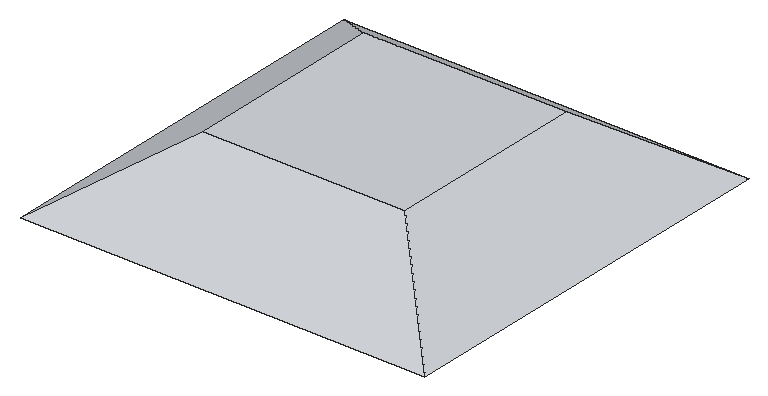
Revit family "COLIBRI tilluft 125mm", category Air Terminals, Revit 2015
Parameters (values of type "Colibri tilluft 125mm")
  Width 1 = Diffuser Width * 0.65  # 390 mm
  Duct Width = 300 mm
  Duct Height = Duct Width  # 300 mm
  Diffuser Width = 600 mm
  UpArrow [instance] = yes
  Pressure Drop [instance] = 14.0 Pa
  RightArrow [instance] = yes
  LeftArrow [instance] = yes
  Flow [instance] = 42.0 L/s
  DownArrow [instance] = yes
  Diffuser Height = Diffuser Width  # 600 mm
  Assembly Code = ""
Reference planes
  plane 1 "Center (Front/Back)": y = 0
  plane 2: z = 0
  plane 3 "Center (Left/Right)": x = 0
Forms (mm)
  Blend 1, solid
    base sketch origin (0, 0, 0) x (1, 0, 0) y (0, 1, 0)
      loop
        line (-300, 300) -> (-300, -300) -> (300, -300) -> (300, 300) -> (-300, 300)
    top sketch origin (0, 0, 0) x (1, 0, 0) y (0, 1, 0)
      loop
        line (-150, 150) -> (-150, -150) -> (150, -150) -> (150, 150) -> (-150, 150)
    from 0 to 101.6
Lines and regions (mm)
  symbolic lines, style "DuctTerminal"
    curve 1: line (-300, -300, 0) -> (300, 300, 0)
    curve 2: line (-300, 300, 0) -> (300, 300, 0)
    curve 3: line (300, 300, 0) -> (300, -300, 0)
    curve 4: line (300, -300, 0) -> (-300, -300, 0)
    curve 5: line (-300, 300, 0) -> (-300, -300, 0)
  symbolic lines
    curve 6: line (-300, 300, 0) -> (300, -300, 0)
Dimensions and locks
  equal spacing: Blend 1 sketch curve, plane 3 "Center (Left/Right)", Blend 1 sketch curve  (x2)
  "Diffuser Width": Blend 1 sketch curve to Blend 1 sketch curve
  equal spacing: Blend 1 sketch curve, plane 1 "Center (Front/Back)", Blend 1 sketch curve  (x2)
  "Diffuser Height": Blend 1 sketch curve to Blend 1 sketch curve
  "Duct Width": Blend 1 sketch curve to Blend 1 sketch curve
  "Duct Height": Blend 1 sketch curve to Blend 1 sketch curve
  "Width 1": nested 1 to plane 3 "Center (Left/Right)"
  "Width 1": nested 2 to plane 1 "Center (Front/Back)"
  "Width 1": plane 3 "Center (Left/Right)" to nested 3
  "Width 1": nested 4 to plane 1 "Center (Front/Back)"
  aligned and locked: Blend 1 to curve 1
  aligned and locked: curve 5 to Blend 1
  aligned and locked: curve 2 to Blend 1
  aligned and locked: curve 3 to Blend 1
  aligned and locked: nested 1 to plane 1 "Center (Front/Back)"
  aligned and locked: plane 3 "Center (Left/Right)" to nested 2
  aligned and locked: nested 4 to plane 3 "Center (Left/Right)"
  aligned and locked: plane 1 "Center (Front/Back)" to nested 3
Nested families
  nested 1: "M_Duct Terminal Arrow" at (-390, 0, 0) x (-1, 0, 0) z (0, 0, 1), visible <- "LeftArrow", type "Duct Terminal Arrow"
  nested 2: "M_Duct Terminal Arrow" at (0, 390, 0) x (0, 1, 0) z (0, 0, 1), visible <- "UpArrow", type "Duct Terminal Arrow"
  nested 3: "M_Duct Terminal Arrow" at (390, 0, 0), visible <- "RightArrow", type "Duct Terminal Arrow"
  nested 4: "M_Duct Terminal Arrow" at (0, -390, 0) x (0, -1, 0) z (0, 0, 1), visible <- "DownArrow", type "Duct Terminal Arrow"
Connectors
  hvac at (0, 0, 101.6), driven by "Duct Width", driven by "Duct Width", driven by "Flow", driven by "Pressure Drop"
    settings: on Blend 1, index 0, duct flow 42.0 L/s, flow factor 0, pres drop 14.0 Pa, loss coef 0, conn angle 0.00°, conn width 300 mm, conn height 300 mm, conn diameter 125 mm, duct sys type 1, conn prof type 0, flow config 1, flow direction 1, loss method 4, conn ref index -1, conn util no, is conn primary yes, conn desc ""
Definition of nested family "M_Duct Terminal Arrow"
  Parameters
    Width = (Length / 2) / cos(15.00°)  # 25.882 mm
    Length = 50 mm
  Reference planes
    plane 1 "Center (Front/Back)": y = 0
    plane 2: z = 0
    plane 3 "Center (Left/Right)": x = 0
  Lines and regions (mm)
    Filled region 1, type "Concrete Block", in view "Ref. Level"
      outline origin (0, 0, 0) x (1, 0, 0) y (0, 1, 0)
        loop
          line (25, 6.699) -> (25, -6.699) -> (50, 0) -> (25, 6.699)
    detail lines, in view "Ref. Level"
      curve 1: line (0, 0, 0) -> (50, 0, 0)
      curve 2: line (50, 0, 0) -> (25, 6.699, 0)
      curve 3: line (50, 0, 0) -> (25, -6.699, 0)
      curve 4: line (25, 6.699, 0) -> (25, -6.699, 0)
  Dimensions and locks
    "Length": curve 1 to curve 1
    "Width": curve 2 to curve 2
    "Width": curve 3 to curve 3
    locked: curve 2 to curve 1 (angle 15.00°)
    locked: curve 1 to curve 3 (angle 15.00°)
    aligned and locked: plane 3 "Center (Left/Right)" to curve 1
    aligned and locked: plane 1 "Center (Front/Back)" to curve 1
    aligned and locked: Filled region 1 sketch curve to curve 4
    aligned and locked: Filled region 1 sketch curve to curve 2
    aligned and locked: Filled region 1 sketch curve to curve 3
